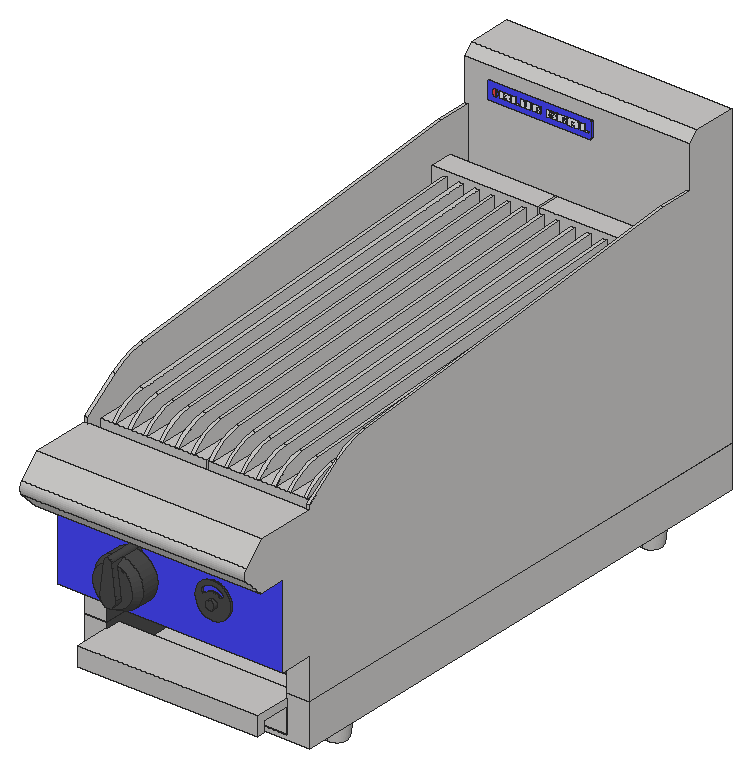
Revit family "QF_MOFFAT_BLUESEAL_CE_G592_B", category Specialty Equipment, Revit 2012
Parameters
  Weight in Pounds = 138
  URL Cutsheet = "www.moffat.com"
  URL = "www.moffat.com"
  Type Mark [instance] = ""
  Status [instance] = ""
  Specification by User [instance] = ""
  Specification by Manufacturer = ""
  Show Logo [instance] = yes
  Serial Number = ""
  Seismic Rating = ""
  SMACNA No = ""
  Revision Code [instance] = ""
  Omniclass Number and Title = ""
  NAFEM Spec ID Number = ""
  Model = "G592-B"
  Mechanical Remarks [instance] = ""
  Mechanical Connection Type [instance] = ""
  Masterspec = ""
  Manufacturer = "MOFFAT BLUESEAL"
  Item Number [instance] = ""
  Installed By [instance] = ""
  Identify Quantity as Lot [instance] = yes
  Gas Size = 1/2"
  Gas RI Height [instance] = 0 mm
  Gas KW = 9.8
  Gas Input [instance] = 33400.0 Btu/h
  Gas Connection Height = 0 mm
  Furnished By [instance] = ""
  Foodservice Equipment Identifier [instance] = yes
  Description = "300MM GAS CHARGRILL BENCH MOUNT"
  CSI MasterFormat = ""
  CSI Master Format = ""
  Body Finish = QF_Finishes_Stainless Steel
Reference planes
  plane 1 "BACK": y = 0
  plane 2: z = 0
  plane 3 "LEFT": x = 0
  plane 4 "RIGHT": x = 300
  plane 5 "FRONT": y = -812
  plane 6 "TOP": z = 630
  plane 7 "Center Y": x = 150
  plane 8 "Center X": y = -406
  plane 9: z = 485
  plane 10: x = 27.5
  plane 11: x = 272.5
  plane 12: y = -100
  plane 13: y = -625
Forms (mm)
  Extrusion 1, solid, material "QF_Finishes_Stainless Steel" <- "Body Finish"
    sketch origin (0, 0, -158) x (0, 1, 0) y (0, 0, 1)
      loop
        line (-748.2, 297.56) -> (-704.45, 297.56) -> (-704.45, 243.56) -> (0, 243.56) -> (0, 643) -> (-57.96, 643) -> (-70, 630.96) -> (-70, 434) -> (-704.45, 434) -> (-704.45, 472.56) -> (-784.2, 472.56) -> (-808.685, 448.074)
        arc (-808.685, 448.074) -> (-812.2, 439.589) -> (-808.685, 431.104) r 12
        line (-808.685, 431.104) -> (-785.201, 407.619) -> (-748.2, 407.619) -> (-748.2, 297.56)
      loop
        line (0, 187.56) -> (0, 242.766) -> (-704.45, 242.766) -> (-704.45, 187.56) -> (0, 187.56)
    from 0 to 300
  Revolve 2, solid, material "QF_Finishes_Stainless Steel" <- "Body Finish"
    sketch origin (27.5, -728, 0) x (0, 1, 0) y (0, 0, 1)
      loop
        line (85.093, 26.613) -> (88.8, 0) -> (103, 0) -> (103, 26.613) -> (85.093, 26.613)
      axis (103, 26.613) -> (103, 0)
    angle from 0 to 360
  Revolve 3, solid, material "QF_Finishes_Stainless Steel" <- "Body Finish"
    sketch origin (27.5, -210, 0) x (0, 1, 0) y (0, 0, 1)
      loop
        line (92.093, 26.613) -> (95.8, 0) -> (110, 0) -> (110, 26.613) -> (92.093, 26.613)
      axis (110, 26.613) -> (110, 0)
    angle from 0 to 360
  Extrusion 4, solid, material "QF_Finishes_Stainless Steel" <- "Body Finish"
    sketch origin (0, 0, -99) x (0, 1, 0) y (0, 0, 1)
      loop
        line (-70, 375) -> (-70, 516.56) -> (-113.86, 516.56) -> (-610.713, 468.718)
        arc (-610.713, 468.718) -> (-634.92, 463.296) -> (-657.048, 452.083) r 100
        line (-657.048, 452.083) -> (-704.45, 420.11) -> (-704.45, 375) -> (-70, 375)
    from 0 to 4.5
  Extrusion 5, solid, material "QF_Finishes_Stainless Steel" <- "Body Finish"
    sketch origin (300, 0, -98.388) x (0, -1, 0) y (0, 0, 1)
      loop
        line (70, 374.388) -> (704.45, 374.388) -> (704.45, 419.498) -> (657.048, 451.471)
        arc (657.048, 451.471) -> (634.92, 462.685) -> (610.713, 468.107) r 100
        line (610.713, 468.107) -> (113.86, 515.948) -> (70, 515.948) -> (70, 374.388)
    from 0 to 3
  Revolve 6, solid, material "QF_Finishes_Black"
    sketch origin (108, 7.8, -102.64) x (0, 1, 0) y (0, 0, 1)
      loop
        line (-789, 329.5) -> (-800, 323.651) -> (-800, 297) -> (-756, 297) -> (-756, 302) -> (-766, 302) -> (-766, 329.5) -> (-789, 329.5)
      axis (-800, 297) -> (-756, 297)
    angle from 0 to 360
  Extrusion 7, solid, material "QF_Finishes_Black"
    sketch origin (-30.113, 7.8, -102.64) x (1, 0, 0) y (0, 0, 1)
      loop
        line (148.532, 286.195) -> (143.111, 329.113)
        arc (143.111, 329.113) -> (138.113, 334) -> (133.114, 329.113) r 5
        line (133.114, 329.113) -> (127.625, 285.028)
        arc (127.625, 285.028) -> (138.697, 274.529) -> (148.532, 286.195) r 10.487
    from 759 to 808
  Extrusion 8, solid, material "QF_Finishes_Stainless Steel"
    sketch origin (276, 0, -98.388) x (0, 1, 0) y (0, 0, 1)
      loop
        line (-132, 410.364) -> (-132, 462.849) -> (-637.852, 432.53)
        arc (-637.852, 432.53) -> (-663.098, 425.97) -> (-684, 410.364) r 67.81
        line (-684, 410.364) -> (-132, 410.364)
    from 0 to 4.5
  Extrusion 9, solid, material "QF_Finishes_Stainless Steel"
    sketch origin (255, 0, -98.388) x (0, 1, 0) y (0, 0, 1)
      loop
        line (-132, 410.364) -> (-132, 462.849) -> (-637.852, 432.53)
        arc (-637.852, 432.53) -> (-663.098, 425.97) -> (-684, 410.364) r 67.81
        line (-684, 410.364) -> (-132, 410.364)
    from 0 to 4.5
  Extrusion 10, solid, material "QF_Finishes_Stainless Steel"
    sketch origin (234, 0, -98.388) x (0, 1, 0) y (0, 0, 1)
      loop
        line (-132, 410.364) -> (-132, 462.849) -> (-637.852, 432.53)
        arc (-637.852, 432.53) -> (-663.098, 425.97) -> (-684, 410.364) r 67.81
        line (-684, 410.364) -> (-132, 410.364)
    from 0 to 4.5
  Extrusion 11, solid, material "QF_Finishes_Stainless Steel"
    sketch origin (213, 0, -98.388) x (0, 1, 0) y (0, 0, 1)
      loop
        line (-132, 410.364) -> (-132, 462.849) -> (-637.852, 432.53)
        arc (-637.852, 432.53) -> (-663.098, 425.97) -> (-684, 410.364) r 67.81
        line (-684, 410.364) -> (-132, 410.364)
    from 0 to 4.5
  Extrusion 12, solid, material "QF_Finishes_Stainless Steel"
    sketch origin (192, 0, -98.388) x (0, 1, 0) y (0, 0, 1)
      loop
        line (-132, 410.364) -> (-132, 462.849) -> (-637.852, 432.53)
        arc (-637.852, 432.53) -> (-663.098, 425.97) -> (-684, 410.364) r 67.81
        line (-684, 410.364) -> (-132, 410.364)
    from 0 to 4.5
  Extrusion 13, solid, material "QF_Finishes_Stainless Steel"
    sketch origin (171, 0, -98.388) x (0, 1, 0) y (0, 0, 1)
      loop
        line (-132, 410.364) -> (-132, 462.849) -> (-637.852, 432.53)
        arc (-637.852, 432.53) -> (-663.098, 425.97) -> (-684, 410.364) r 67.81
        line (-684, 410.364) -> (-132, 410.364)
    from 0 to 4.5
  Extrusion 14, solid, material "QF_Finishes_Stainless Steel"
    sketch origin (150, 0, -98.388) x (0, 1, 0) y (0, 0, 1)
      loop
        line (-132, 410.364) -> (-132, 462.849) -> (-637.852, 432.53)
        arc (-637.852, 432.53) -> (-663.098, 425.97) -> (-684, 410.364) r 67.81
        line (-684, 410.364) -> (-132, 410.364)
    from 0 to 4.5
  Extrusion 15, solid, material "QF_Finishes_Stainless Steel"
    sketch origin (126, 0, -98.388) x (0, 1, 0) y (0, 0, 1)
      loop
        line (-132, 410.364) -> (-132, 462.849) -> (-637.852, 432.53)
        arc (-637.852, 432.53) -> (-663.098, 425.97) -> (-684, 410.364) r 67.81
        line (-684, 410.364) -> (-132, 410.364)
    from 0 to 4.5
  Extrusion 16, solid, material "QF_Finishes_Stainless Steel"
    sketch origin (105, 0, -98.388) x (0, 1, 0) y (0, 0, 1)
      loop
        line (-132, 410.364) -> (-132, 462.849) -> (-637.852, 432.53)
        arc (-637.852, 432.53) -> (-663.098, 425.97) -> (-684, 410.364) r 67.81
        line (-684, 410.364) -> (-132, 410.364)
    from 0 to 4.5
  Extrusion 17, solid, material "QF_Finishes_Stainless Steel"
    sketch origin (84, 0, -98.388) x (0, 1, 0) y (0, 0, 1)
      loop
        line (-132, 410.364) -> (-132, 462.849) -> (-637.852, 432.53)
        arc (-637.852, 432.53) -> (-663.098, 425.97) -> (-684, 410.364) r 67.81
        line (-684, 410.364) -> (-132, 410.364)
    from 0 to 4.5
  Extrusion 18, solid, material "QF_Finishes_Stainless Steel"
    sketch origin (63, 0, -98.388) x (0, 1, 0) y (0, 0, 1)
      loop
        line (-132, 410.364) -> (-132, 462.849) -> (-637.852, 432.53)
        arc (-637.852, 432.53) -> (-663.098, 425.97) -> (-684, 410.364) r 67.81
        line (-684, 410.364) -> (-132, 410.364)
    from 0 to 4.5
  Extrusion 19, solid, material "QF_Finishes_Stainless Steel"
    sketch origin (42, 0, -98.388) x (0, 1, 0) y (0, 0, 1)
      loop
        line (-132, 410.364) -> (-132, 462.849) -> (-637.852, 432.53)
        arc (-637.852, 432.53) -> (-663.098, 425.97) -> (-684, 410.364) r 67.81
        line (-684, 410.364) -> (-132, 410.364)
    from 0 to 4.5
  Extrusion 20, solid, material "QF_Finishes_Stainless Steel"
    sketch origin (21, 0, -98.388) x (0, 1, 0) y (0, 0, 1)
      loop
        line (-132, 410.364) -> (-132, 462.849) -> (-637.852, 432.53)
        arc (-637.852, 432.53) -> (-663.098, 425.97) -> (-684, 410.364) r 67.81
        line (-684, 410.364) -> (-132, 410.364)
    from 0 to 4.5
  Extrusion 21, solid, material "QF_Finishes_Stainless Steel"
    sketch origin (76, 3, -500) x (1, 0, 0) y (0, 1, 0)
      loop
        circle (140, -26) r 13.5
    from 539 to 585
  Extrusion 22, solid, material "QF_Finishes_Stainless Steel"
    sketch origin (0, 0, -98.388) x (0, 1, 0) y (0, 0, 1)
      loop
        line (-132, 410.364) -> (-684, 410.364) -> (-684, 375) -> (-102, 375) -> (-102, 470) -> (-132, 470) -> (-132, 410.364)
    from 4.5 to 147
  Extrusion 23, solid, material "QF_Finishes_Stainless Steel"
    sketch origin (145.5, 0, -98.388) x (0, 1, 0) y (0, 0, 1)
      loop
        line (-132, 410.364) -> (-684, 410.364) -> (-684, 375) -> (-102, 375) -> (-102, 470) -> (-132, 470) -> (-132, 410.364)
    from 4.5 to 151.5
  Extrusion 24, solid, material "QF_Finishes_Black"
    sketch origin (0, -748.2, 139.56) x (0, 0, 1) y (-1, 0, 0)
      loop
        circle (54.201, -208) r 23.9
      loop
        arc (61.56, -216.419) -> (60.7, -221.219) -> (65.5, -222.079) r 3.448
        arc (65.5, -222.079) -> (72.085, -207.341) -> (64.282, -193.209) r 18.095
        arc (64.282, -193.209) -> (59.56, -194.491) -> (60.875, -199.204) r 3.448
        arc (60.875, -199.204) -> (64.443, -207.683) -> (61.56, -216.419) r 13.109
    from 0 to 2
  Extrusion 25, solid, material "QF_Finishes_Black"
    sketch origin (0, -750.2, 139.56) x (0, 0, 1) y (-1, 0, 0)
      loop
        circle (50.701, -208) r 5.75
    from 0 to 5
  Extrusion 26, void
    sketch origin (0, -704.45, 85.56) x (0, 0, -1) y (-1, 0, 0)
      loop
        line (50, -30) -> (-49, -30) -> (-49, -270) -> (50, -270) -> (50, -30)
    from 0 to 100
  Extrusion 27, solid, material "QF_Finishes_Stainless Steel"
    sketch origin (30, -704.45, 30.56) x (0, 0, 1) y (0, -1, 0)
      loop
        line (23.144, 47.968) -> (23.144, 37.968) -> (38.144, 37.968) -> (38.144, 0) -> (6.348, 0) -> (6.348, -17.956) -> (48.144, -17.956) -> (48.144, 47.968) -> (23.144, 47.968)
    from 0 to 240
  Revolve 28, solid, material "QF_Finishes_Stainless Steel" <- "Body Finish"
    sketch origin (272.5, -728, 0) x (0, 1, 0) y (0, 0, 1)
      loop
        line (85.093, 26.613) -> (88.8, 0) -> (103, 0) -> (103, 26.613) -> (85.093, 26.613)
      axis (103, 26.613) -> (103, 0)
    angle from 0 to 360
  Revolve 29, solid, material "QF_Finishes_Stainless Steel" <- "Body Finish"
    sketch origin (272.5, -210, 0) x (0, 1, 0) y (0, 0, 1)
      loop
        line (92.093, 26.613) -> (95.8, 0) -> (110, 0) -> (110, 26.613) -> (92.093, 26.613)
      axis (110, 26.613) -> (110, 0)
    angle from 0 to 360
Cuts and joins
  joined: Revolve 6, Extrusion 7
  Extrusion 26 cuts Extrusion 1
  Extrusion 26 cuts Extrusion 4
  Extrusion 26 cuts Extrusion 5
  joined: Extrusion 1, Extrusion 4, Extrusion 5
Lines and regions (mm)
  Split face 1
    outline origin (300, 0, 485) x (-1, 0, 0) y (0, -1, 0)
      loop
        arc (24, 45.385) -> (15.34, 40.385) -> (15.34, 30.385) r 10
        line (15.34, 30.385) -> (19.381, 23.385)
        arc (19.381, 23.385) -> (23.041, 19.725) -> (28.041, 18.385) r 10
        line (28.041, 18.385) -> (256, 18.385)
        arc (256, 18.385) -> (264.66, 23.385) -> (264.66, 33.385) r 10
        line (264.66, 33.385) -> (260.619, 40.385)
        arc (260.619, 40.385) -> (256.959, 44.045) -> (251.959, 45.385) r 10
        line (251.959, 45.385) -> (24, 45.385)
  symbolic lines
    curve 1: line (0, 0, 0) -> (0, -812, 0)
    curve 2: line (300, 0, 0) -> (0, 0, 0)
    curve 3: line (300, -812, 0) -> (300, 0, 0)
    curve 4: line (0, -70, 0) -> (300, -70, 0)
    curve 5: line (0, -812, 0) -> (300, -812, 0)
    curve 6: line (300, -712, 0) -> (0, -712, 0)
    curve 7: line (4.5, -712, 0) -> (4.5, -70, 0)
    curve 8: line (297, -70, 0) -> (297, -712, 0)
    curve 9: line (0, -784.2, 0) -> (300, -784.2, 0)
    curve 10: line (297, -704.45, 0) -> (4.5, -704.45, 0)
    curve 11: line (0, -57.96, 0) -> (300, -57.96, 0)
    curve 12: line (276, -45.385, 0) -> (48.041, -45.385, 0)
    curve 13: arc (48.041, -45.385, 0) -> (43.041, -44.045, 0) -> (39.381, -40.385, 0) r 10
    curve 14: line (39.381, -40.385, 0) -> (35.34, -33.385, 0)
    curve 15: arc (35.34, -33.385, 0) -> (35.34, -23.385, 0) -> (44, -18.385, 0) r 10
    curve 16: line (44, -18.385, 0) -> (271.959, -18.385, 0)
    curve 17: arc (271.959, -18.385, 0) -> (276.959, -19.725, 0) -> (280.619, -23.385, 0) r 10
    curve 18: line (280.619, -23.385, 0) -> (284.66, -30.385, 0)
    curve 19: arc (284.66, -30.385, 0) -> (284.66, -40.385, 0) -> (276, -45.385, 0) r 10
    curve 20: line (150, -102, 0) -> (150, -684, 0)
    curve 21: line (297, -102, 0) -> (150, -102, 0)
    curve 22: line (21, -132, 0) -> (21, -684, 0)
    curve 23: line (42, -132, 0) -> (42, -684, 0)
    curve 24: line (63, -132, 0) -> (63, -684, 0)
    curve 25: line (84, -132, 0) -> (84, -684, 0)
    curve 26: line (105, -132, 0) -> (105, -684, 0)
    curve 27: line (126, -132, 0) -> (126, -684, 0)
    curve 28: line (154.5, -684, 0) -> (154.5, -132, 0)
    curve 29: line (171, -132, 0) -> (171, -684, 0)
    curve 30: line (192, -132, 0) -> (192, -684, 0)
    curve 31: line (213, -132, 0) -> (213, -684, 0)
    curve 32: line (234, -132, 0) -> (234, -684, 0)
    curve 33: line (255, -132, 0) -> (255, -684, 0)
    curve 34: line (276, -132, 0) -> (276, -684, 0)
    curve 35: line (150, -132, 0) -> (297, -132, 0)
    curve 36: line (150, -684, 0) -> (297, -684, 0)
    curve 37: line (4.5, -684, 0) -> (147, -684, 0)
    curve 38: line (4.5, -132, 0) -> (147, -132, 0)
    curve 39: line (147, -102, 0) -> (4.5, -102, 0)
    curve 40: line (147, -684, 0) -> (147, -102, 0)
Dimensions and locks
  equal spacing: plane 3 "LEFT", plane 7 "Center Y", plane 4 "RIGHT"
  plane 3 "LEFT" to plane 4 "RIGHT" = 300 mm
  equal spacing: plane 5 "FRONT", plane 8 "Center X", plane 1 "BACK"
  plane 5 "FRONT" to plane 1 "BACK" = 812 mm  (x2)
  equal spacing: plane 4 "RIGHT", plane 7 "Center Y", plane 3 "LEFT"
  plane 4 "RIGHT" to plane 3 "LEFT" = 300 mm
  Extrusion 21 to level = 39 mm
  Extrusion 21 to plane 1 "BACK" = 23 mm
  cut or joined group of Extrusion 1, Extrusion 4, Extrusion 5, Extrusion 26 to plane 1 "BACK" = 70 mm
  plane 9 to plane 2 = 485 mm
  plane 10 to plane 11 = 245 mm
  Extrusion 21 sketch curve to plane 1 "BACK" = 23 mm
  plane 3 "LEFT" to Extrusion 21 sketch curve = 216 mm
  plane 1 "BACK" to cut or joined group of Extrusion 1, Extrusion 4, Extrusion 5, Extrusion 26 = 70 mm
  plane 2 to Extrusion 21 = 39 mm
  plane 12 to plane 13 = 525 mm
  plane 1 "BACK" to plane 12 = 100 mm
  plane 2 to cut or joined group of Extrusion 1, Extrusion 4, Extrusion 5, Extrusion 26 = 29.56 mm
  cut or joined group of Extrusion 1, Extrusion 4, Extrusion 5, Extrusion 26 to plane 2 = 314.56 mm
  aligned and locked: level to plane 2
  aligned and locked: curve 3 to plane 4 "RIGHT"
Automatic sketch dimensions
  plane 1 "BACK" to curve 1 = 0 mm
  curve 1 to plane 3 "LEFT" = 0 mm
  plane 5 "FRONT" to curve 3 = 0 mm
  plane 3 "LEFT" to curve 7 = 4.5 mm
  plane 4 "RIGHT" to curve 8 = 3 mm
  curve 9 to plane 5 "FRONT" = 27.8 mm
  curve 8 to curve 10 = 7.55 mm
  plane 1 "BACK" to curve 7 = 70 mm
  Extrusion 1 sketch curve to plane 9 = 0 mm
  Extrusion 1 sketch curve to plane 1 "BACK" = 0 mm  (x2)
  plane 1 "BACK" to Extrusion 1 sketch curve = 57.96 mm
  Extrusion 1 sketch curve to plane 9 = 12.04 mm
  Extrusion 1 sketch curve to Extrusion 1 sketch curve = 12.04 mm
  Extrusion 1 sketch curve to plane 5 "FRONT" = 107.55 mm  (x2)
  Extrusion 1 sketch curve to Extrusion 1 sketch curve = 0 mm
  Extrusion 1 sketch curve to Extrusion 1 sketch curve = 43.75 mm
  Extrusion 1 sketch curve to plane 5 "FRONT" = 27.8 mm
  Extrusion 1 sketch curve to plane 5 "FRONT" = 26.799 mm
  Extrusion 1 sketch curve to plane 5 "FRONT" = 11.8 mm
  Extrusion 1 sketch curve to plane 5 "FRONT" = 3.315 mm  (x2)
  Extrusion 1 sketch curve to plane 9 = 170.44 mm
  Extrusion 1 sketch curve to Extrusion 1 sketch curve = 24.486 mm
  Extrusion 1 sketch curve to Extrusion 1 sketch curve = 8.485 mm
  Extrusion 1 sketch curve to Extrusion 1 sketch curve = 38.56 mm
  Extrusion 1 sketch curve to Extrusion 1 sketch curve = 26.381 mm
  Extrusion 1 sketch curve to Extrusion 1 sketch curve = 110.059 mm
  Extrusion 1 sketch curve to Extrusion 1 sketch curve = 54 mm
  Extrusion 1 sketch curve to Extrusion 1 sketch curve = 0.794 mm
  level to Extrusion 1 sketch curve = 29.56 mm
  Revolve 2 sketch curve to level = 0 mm  (x2)
  level to Revolve 2 sketch curve = 26.613 mm
  Revolve 2 sketch curve to plane 5 "FRONT" = 169.093 mm
  Revolve 2 sketch curve to Revolve 2 sketch curve = 3.707 mm
  Revolve 2 sketch curve to Revolve 2 sketch curve = 17.907 mm
  Revolve 2 sketch curve to Revolve 2 sketch curve = 0 mm  (x2)
  Revolve 3 sketch curve to level = 0 mm
  level to Revolve 3 sketch curve = 26.613 mm
  plane 1 "BACK" to Revolve 3 sketch curve = 117.907 mm
  Revolve 3 sketch curve to Revolve 3 sketch curve = 3.707 mm
  Revolve 3 sketch curve to Revolve 3 sketch curve = 17.907 mm
  Revolve 3 sketch curve to Revolve 3 sketch curve = 14.2 mm
  Revolve 3 sketch curve to Revolve 3 sketch curve = 55 mm
  Revolve 3 sketch curve to Revolve 3 sketch curve = 23.387 mm
  Extrusion 4 sketch curve to plane 5 "FRONT" = 107.55 mm
  Extrusion 4 sketch curve to Extrusion 4 sketch curve = 47.402 mm
  Extrusion 4 sketch curve to Extrusion 4 sketch curve = 46.335 mm
  Extrusion 4 sketch curve to Extrusion 4 sketch curve = 55.919 mm
  plane 1 "BACK" to Extrusion 4 sketch curve = 113.86 mm
  plane 1 "BACK" to Extrusion 4 sketch curve = 70 mm
  Extrusion 4 sketch curve to plane 9 = 214.821 mm
  Extrusion 4 sketch curve to Extrusion 4 sketch curve = 5.821 mm
  Extrusion 4 sketch curve to Extrusion 4 sketch curve = 45.11 mm
  Extrusion 4 sketch curve to Extrusion 4 sketch curve = 31.973 mm
  Extrusion 4 sketch curve to plane 9 = 67.44 mm
  plane 1 "BACK" to Extrusion 5 sketch curve = 70 mm
  Extrusion 5 sketch curve to Extrusion 5 sketch curve = 43.86 mm
  Extrusion 5 sketch curve to plane 8 "Center X" = 195.129 mm
  Extrusion 5 sketch curve to Extrusion 5 sketch curve = 9.585 mm
  Extrusion 5 sketch curve to Extrusion 5 sketch curve = 46.335 mm
  Extrusion 5 sketch curve to Extrusion 5 sketch curve = 47.402 mm
  Extrusion 5 sketch curve to plane 9 = 214.821 mm
  Extrusion 5 sketch curve to Extrusion 5 sketch curve = 5.821 mm
  Extrusion 5 sketch curve to Extrusion 5 sketch curve = 45.11 mm
  Extrusion 5 sketch curve to Extrusion 5 sketch curve = 31.973 mm
  Extrusion 5 sketch curve to plane 9 = 67.44 mm
  Revolve 6 sketch curve to plane 5 "FRONT" = 19.8 mm
  Revolve 6 sketch curve to Revolve 6 sketch curve = 0 mm  (x2)
  Revolve 6 sketch curve to Revolve 6 sketch curve = 11 mm
  Revolve 6 sketch curve to Revolve 6 sketch curve = 12.7 mm
  Revolve 6 sketch curve to Revolve 6 sketch curve = 23 mm
  Revolve 6 sketch curve to Revolve 6 sketch curve = 10 mm
  level to Revolve 6 sketch curve = 194.36 mm
  Revolve 6 sketch curve to Revolve 6 sketch curve = 5 mm
  Revolve 6 sketch curve to Revolve 6 sketch curve = 26.651 mm
  Revolve 6 sketch curve to Revolve 6 sketch curve = 5.849 mm
  Extrusion 7 sketch curve to plane 7 "Center Y" = 52.487 mm
  Extrusion 7 sketch curve to Extrusion 7 sketch curve = 5.489 mm
  Extrusion 7 sketch curve to Extrusion 7 sketch curve = 4.999 mm  (x2)
  Extrusion 7 sketch curve to Extrusion 7 sketch curve = 10.487 mm
  Extrusion 7 sketch curve to Extrusion 7 sketch curve = 10.419 mm
  level to Extrusion 7 sketch curve = 182.36 mm
  Extrusion 7 sketch curve to Extrusion 7 sketch curve = 0.028 mm
  Extrusion 7 sketch curve to Extrusion 7 sketch curve = 44 mm
  Extrusion 7 sketch curve to Extrusion 7 sketch curve = 0.113 mm
  Extrusion 8 sketch curve to plane 5 "FRONT" = 128 mm
  Extrusion 8 sketch curve to Extrusion 8 sketch curve = 46.148 mm
  Extrusion 8 sketch curve to Extrusion 8 sketch curve = 4.114 mm
  plane 1 "BACK" to Extrusion 8 sketch curve = 132 mm
  Extrusion 8 sketch curve to plane 9 = 218.543 mm
  Extrusion 8 sketch curve to plane 9 = 173.025 mm
  Extrusion 8 sketch curve to Extrusion 8 sketch curve = 52.486 mm
  Extrusion 9 sketch curve to plane 5 "FRONT" = 128 mm
  Extrusion 9 sketch curve to Extrusion 9 sketch curve = 46.148 mm
  Extrusion 9 sketch curve to Extrusion 9 sketch curve = 4.114 mm
  plane 1 "BACK" to Extrusion 9 sketch curve = 132 mm
  Extrusion 9 sketch curve to plane 9 = 218.543 mm
  Extrusion 9 sketch curve to plane 9 = 173.025 mm
  Extrusion 9 sketch curve to Extrusion 9 sketch curve = 52.486 mm
  Extrusion 10 sketch curve to plane 5 "FRONT" = 128 mm
  Extrusion 10 sketch curve to Extrusion 10 sketch curve = 46.148 mm
  Extrusion 10 sketch curve to Extrusion 10 sketch curve = 4.114 mm
  plane 1 "BACK" to Extrusion 10 sketch curve = 132 mm
  Extrusion 10 sketch curve to plane 9 = 218.543 mm
  Extrusion 10 sketch curve to plane 9 = 173.025 mm
  Extrusion 10 sketch curve to Extrusion 10 sketch curve = 52.486 mm
  Extrusion 11 sketch curve to plane 5 "FRONT" = 128 mm
  Extrusion 11 sketch curve to Extrusion 11 sketch curve = 46.148 mm
  Extrusion 11 sketch curve to Extrusion 11 sketch curve = 4.114 mm
  plane 1 "BACK" to Extrusion 11 sketch curve = 132 mm
  Extrusion 11 sketch curve to plane 9 = 218.543 mm
  Extrusion 11 sketch curve to plane 9 = 173.025 mm
  Extrusion 11 sketch curve to Extrusion 11 sketch curve = 52.486 mm
  Extrusion 12 sketch curve to plane 5 "FRONT" = 128 mm
  Extrusion 12 sketch curve to Extrusion 12 sketch curve = 46.148 mm
  Extrusion 12 sketch curve to Extrusion 12 sketch curve = 4.114 mm
  plane 1 "BACK" to Extrusion 12 sketch curve = 132 mm
  Extrusion 12 sketch curve to plane 9 = 218.543 mm
  Extrusion 12 sketch curve to plane 9 = 173.025 mm
  Extrusion 12 sketch curve to Extrusion 12 sketch curve = 52.486 mm
  Extrusion 13 sketch curve to plane 5 "FRONT" = 128 mm
  Extrusion 13 sketch curve to Extrusion 13 sketch curve = 46.148 mm
  Extrusion 13 sketch curve to Extrusion 13 sketch curve = 50.262 mm
  plane 1 "BACK" to Extrusion 13 sketch curve = 132 mm
  Extrusion 13 sketch curve to plane 9 = 218.543 mm
  Extrusion 13 sketch curve to plane 9 = 173.025 mm
  Extrusion 13 sketch curve to Extrusion 13 sketch curve = 52.486 mm
  Extrusion 14 sketch curve to plane 5 "FRONT" = 128 mm
  Extrusion 14 sketch curve to Extrusion 14 sketch curve = 46.148 mm
  Extrusion 14 sketch curve to Extrusion 14 sketch curve = 50.262 mm
  plane 1 "BACK" to Extrusion 14 sketch curve = 132 mm
  Extrusion 14 sketch curve to plane 9 = 218.543 mm
  Extrusion 14 sketch curve to plane 9 = 173.025 mm
  Extrusion 14 sketch curve to Extrusion 14 sketch curve = 52.486 mm
  Extrusion 15 sketch curve to plane 5 "FRONT" = 128 mm
  Extrusion 15 sketch curve to Extrusion 15 sketch curve = 46.148 mm
  Extrusion 15 sketch curve to Extrusion 15 sketch curve = 4.114 mm
  plane 1 "BACK" to Extrusion 15 sketch curve = 132 mm
  Extrusion 15 sketch curve to plane 9 = 218.543 mm
  Extrusion 15 sketch curve to plane 9 = 173.025 mm
  Extrusion 15 sketch curve to Extrusion 15 sketch curve = 52.486 mm
  Extrusion 16 sketch curve to plane 5 "FRONT" = 128 mm
  Extrusion 16 sketch curve to Extrusion 16 sketch curve = 46.148 mm
  Extrusion 16 sketch curve to Extrusion 16 sketch curve = 4.114 mm
  plane 1 "BACK" to Extrusion 16 sketch curve = 132 mm
  Extrusion 16 sketch curve to plane 9 = 218.543 mm
  Extrusion 16 sketch curve to plane 9 = 173.025 mm
  Extrusion 16 sketch curve to Extrusion 16 sketch curve = 52.486 mm
  Extrusion 17 sketch curve to plane 5 "FRONT" = 128 mm
  Extrusion 17 sketch curve to Extrusion 17 sketch curve = 46.148 mm
  Extrusion 17 sketch curve to Extrusion 17 sketch curve = 4.114 mm
  plane 1 "BACK" to Extrusion 17 sketch curve = 132 mm
  Extrusion 17 sketch curve to plane 9 = 218.543 mm
  Extrusion 17 sketch curve to plane 9 = 173.025 mm
  Extrusion 17 sketch curve to Extrusion 17 sketch curve = 52.486 mm
  Extrusion 18 sketch curve to plane 5 "FRONT" = 128 mm
  Extrusion 18 sketch curve to Extrusion 18 sketch curve = 46.148 mm
  Extrusion 18 sketch curve to Extrusion 18 sketch curve = 4.114 mm
  plane 1 "BACK" to Extrusion 18 sketch curve = 132 mm
  Extrusion 18 sketch curve to plane 9 = 218.543 mm
  Extrusion 18 sketch curve to plane 9 = 173.025 mm
  Extrusion 18 sketch curve to Extrusion 18 sketch curve = 52.486 mm
  Extrusion 19 sketch curve to plane 5 "FRONT" = 128 mm
  Extrusion 19 sketch curve to Extrusion 19 sketch curve = 46.148 mm
  Extrusion 19 sketch curve to Extrusion 19 sketch curve = 4.114 mm
  plane 1 "BACK" to Extrusion 19 sketch curve = 132 mm
  Extrusion 19 sketch curve to plane 9 = 218.543 mm
  Extrusion 19 sketch curve to plane 9 = 173.025 mm
  Extrusion 19 sketch curve to Extrusion 19 sketch curve = 52.486 mm
  Extrusion 20 sketch curve to plane 5 "FRONT" = 128 mm
  Extrusion 20 sketch curve to Extrusion 20 sketch curve = 46.148 mm
  Extrusion 20 sketch curve to Extrusion 20 sketch curve = 4.114 mm
  plane 1 "BACK" to Extrusion 20 sketch curve = 132 mm
  Extrusion 20 sketch curve to plane 9 = 218.543 mm
  Extrusion 20 sketch curve to plane 9 = 173.025 mm
  Extrusion 20 sketch curve to Extrusion 20 sketch curve = 52.486 mm
  Extrusion 22 sketch curve to plane 5 "FRONT" = 128 mm
  plane 1 "BACK" to Extrusion 22 sketch curve = 132 mm
  Extrusion 22 sketch curve to Extrusion 22 sketch curve = 30 mm
  Extrusion 22 sketch curve to plane 9 = 208.388 mm
  Extrusion 22 sketch curve to Extrusion 22 sketch curve = 35.364 mm
  Extrusion 22 sketch curve to Extrusion 22 sketch curve = 59.636 mm
  Extrusion 23 sketch curve to plane 5 "FRONT" = 128 mm
  plane 1 "BACK" to Extrusion 23 sketch curve = 132 mm
  Extrusion 23 sketch curve to Extrusion 23 sketch curve = 30 mm
  Extrusion 23 sketch curve to plane 9 = 208.388 mm
  Extrusion 23 sketch curve to Extrusion 23 sketch curve = 35.364 mm
  Extrusion 23 sketch curve to Extrusion 23 sketch curve = 59.636 mm
  Extrusion 1 to Extrusion 24 sketch curve = 51.343 mm
  Extrusion 24 sketch curve to Extrusion 24 sketch curve = 2.662 mm
  Extrusion 24 sketch curve to Extrusion 24 sketch curve = 0.195 mm
  Extrusion 24 sketch curve to Extrusion 24 sketch curve = 6.674 mm
  Extrusion 24 sketch curve to Extrusion 24 sketch curve = 7.359 mm
  Extrusion 24 sketch curve to Extrusion 24 sketch curve = 1.683 mm
  Extrusion 24 sketch curve to Extrusion 24 sketch curve = 1.97 mm  (x2)
  Extrusion 24 sketch curve to Extrusion 24 sketch curve = 1.724 mm
  Extrusion 1 to Extrusion 24 sketch curve = 77.921 mm
  Extrusion 24 sketch curve to Extrusion 24 sketch curve = 2.83 mm
  Extrusion 24 sketch curve to Extrusion 24 sketch curve = 8.215 mm
  Extrusion 24 sketch curve to Extrusion 24 sketch curve = 0.102 mm
  Extrusion 24 sketch curve to Extrusion 24 sketch curve = 0.103 mm
  Extrusion 26 sketch curve to Extrusion 1 = 5 mm
  Extrusion 26 sketch curve to Extrusion 1 = 50 mm
  Extrusion 26 sketch curve to Extrusion 1 = 30 mm  (x2)
  Extrusion 27 sketch curve to Extrusion 26 = 0 mm
  Extrusion 26 to Extrusion 27 sketch curve = 1.348 mm
  Extrusion 26 to Extrusion 27 sketch curve = 18.144 mm
  Extrusion 27 sketch curve to Extrusion 27 sketch curve = 15 mm
  Extrusion 27 sketch curve to Extrusion 27 sketch curve = 10 mm  (x2)
  Extrusion 26 to Extrusion 27 sketch curve = 17.956 mm
  Extrusion 27 sketch curve to Extrusion 26 = 37.968 mm
  Split face 1 sketch curve to cut or joined group of Extrusion 1, Extrusion 4, Extrusion 5, Extrusion 26 = 15.34 mm
  Split face 1 sketch curve to Split face 1 sketch curve = 4.041 mm  (x4)
  Split face 1 sketch curve to Split face 1 sketch curve = 8.66 mm  (x2)
  Split face 1 sketch curve to cut or joined group of Extrusion 1, Extrusion 4, Extrusion 5, Extrusion 26 = 12.575 mm
  Split face 1 sketch curve to cut or joined group of Extrusion 1, Extrusion 4, Extrusion 5, Extrusion 26 = 48.041 mm
  Split face 1 sketch curve to cut or joined group of Extrusion 1, Extrusion 4, Extrusion 5, Extrusion 26 = 17.575 mm
  Split face 1 sketch curve to Split face 1 sketch curve = 7 mm  (x3)
  Split face 1 sketch curve to Split face 1 sketch curve = 15 mm
  Revolve 28 sketch curve to level = 0 mm  (x2)
  level to Revolve 28 sketch curve = 26.613 mm
  Revolve 28 sketch curve to plane 5 "FRONT" = 169.093 mm
  Revolve 28 sketch curve to Revolve 28 sketch curve = 3.707 mm
  Revolve 28 sketch curve to Revolve 28 sketch curve = 17.907 mm
  Revolve 28 sketch curve to Revolve 28 sketch curve = 0 mm  (x2)
  Revolve 29 sketch curve to level = 0 mm
  level to Revolve 29 sketch curve = 26.613 mm
  plane 1 "BACK" to Revolve 29 sketch curve = 117.907 mm
  Revolve 29 sketch curve to Revolve 29 sketch curve = 3.707 mm
  Revolve 29 sketch curve to Revolve 29 sketch curve = 17.907 mm
  Revolve 29 sketch curve to Revolve 29 sketch curve = 14.2 mm
  Revolve 29 sketch curve to Revolve 29 sketch curve = 55 mm
  Revolve 29 sketch curve to Revolve 29 sketch curve = 23.387 mm
  curve 4 to curve 11 = 12.04 mm
  plane 10 to curve 14 = 7.84 mm
  curve 15 to curve 14 = 4.041 mm
  curve 15 to curve 15 = 8.66 mm
  curve 15 to curve 13 = 4.041 mm
  plane 11 to curve 17 = 0.541 mm
  curve 19 to plane 11 = 3.5 mm
  curve 17 to plane 11 = 8.119 mm
  curve 18 to curve 18 = 4.041 mm
  plane 1 "BACK" to curve 13 = 45.385 mm
  curve 12 to curve 14 = 5 mm
  curve 12 to curve 19 = 10 mm
  curve 13 to curve 15 = 7 mm  (x2)
  curve 19 to curve 17 = 7 mm
  curve 20 to plane 7 "Center Y" = 0 mm
  plane 13 to curve 20 = 59 mm
  plane 12 to curve 21 = 2 mm
  curve 22 to plane 10 = 6.5 mm
  plane 10 to curve 23 = 14.5 mm
  curve 23 to curve 24 = 21 mm
  curve 24 to curve 25 = 21 mm
  curve 25 to curve 26 = 21 mm
  curve 26 to curve 27 = 21 mm
  curve 20 to curve 28 = 4.5 mm
  curve 28 to curve 29 = 16.5 mm
  curve 29 to curve 30 = 21 mm
  curve 30 to curve 31 = 21 mm
  curve 31 to curve 32 = 21 mm
  plane 11 to curve 33 = 17.5 mm
  curve 34 to plane 11 = 3.5 mm
  curve 26 to curve 20 = 0 mm
  curve 10 to curve 34 = 20.45 mm
  plane 12 to curve 22 = 32 mm
  curve 27 to curve 35 = 0 mm
  curve 37 to plane 7 "Center Y" = 3 mm
  plane 12 to curve 39 = 2 mm
  radius of Extrusion 21 sketch curve = 13.5 mm
  radius of Extrusion 24 sketch curve = 23.9 mm
  radius of Extrusion 25 sketch curve = 5.75 mm
Nested families
  nested 1: "WALDORF LOGO_FACE BASE" at (31.993, -70, 456.445) x (1, 0, 0) z (0, -1, 0), visible <- "Show Logo", type "WALDORF LOGO_FACE BASE", detail levels medium+fine
    with Show Logo yes
Connectors
  piping at (216, -23, 39)
    settings: on Extrusion 21, index 1, connector radius 0.37402", flow factor 0, pipe flow 0 GPM, pressure drop 0.00 psi, fitting loss kfactor 0, connector angle 0.00°, fixture units 0, engagement length 0 mm, flow configuration 1, flow direction 1, fitting loss method 0, system type 7, joint type 0, gender type 0, connector reference index -1, connector utility 0, adjustable connector no, is connector primary yes, fitting loss table "", connector description "GAS CONNECTION"
Definition of nested family "WALDORF LOGO_FACE BASE"
  Parameters (values of type "WALDORF LOGO_FACE BASE")
    Show Logo [instance] = yes
    Default Elevation = 1219.2 mm
  Reference planes
    plane 1 "Center (Front/Back)": y = 0
    plane 2: z = 0
    plane 3 "Center (Left/Right)": x = 0
  Forms (mm)
    Extrusion 1, solid
      sketch origin (0, 0, 0) x (1, 0, 0) y (0, 1, 0)
        loop
          line (-1219.2, 1219.2) -> (-1219.2, -1219.2) -> (1219.2, -1219.2) -> (1219.2, 1219.2) -> (-1219.2, 1219.2)
      from 0 to -304.8
    Extrusion 2, solid, material "QF_Finishes_Blue", visible <- "Show Logo"
      sketch origin (0, -33.217, 0) x (1, 0, 0) y (0, 1, 0)
        loop
          arc (138, 31.942) -> (137.626, 32.844) -> (136.724, 33.217) r 1.276
          line (136.724, 33.217) -> (1.29, 33.217)
          arc (1.29, 33.217) -> (0.378, 32.839) -> (0, 31.927) r 1.29
          line (0, 31.927) -> (0, 11.507)
          arc (0, 11.507) -> (0.378, 10.595) -> (1.29, 10.217) r 1.29
          line (1.29, 10.217) -> (136.71, 10.217)
          arc (136.71, 10.217) -> (137.622, 10.595) -> (138, 11.507) r 1.29
          line (138, 11.507) -> (138, 31.942)
      from 0 to 1.588
    Extrusion 3, solid, material "QF_Finishes_White", visible <- "Show Logo"
      sketch origin (0, -33.217, 1.588) x (1, 0, 0) y (0, 1, 0)
        loop
          arc (108.946, 25.919) -> (107.613, 25.367) -> (107.061, 24.034) r 1.885
          line (107.061, 24.034) -> (107.061, 17.211) -> (112.704, 17.211) -> (112.704, 19.129) -> (115.546, 19.129) -> (115.546, 17.211) -> (121.584, 17.211) -> (121.584, 24.075)
          arc (121.584, 24.075) -> (121.043, 25.379) -> (119.739, 25.919) r 1.845
          line (119.739, 25.919) -> (108.946, 25.919)
        loop
          line (123.478, 25.919) -> (123.478, 17.163) -> (134.904, 17.163) -> (134.904, 19.129) -> (129.246, 19.129) -> (129.246, 25.919) -> (123.478, 25.919)
        loop
          line (112.704, 21.258) -> (115.546, 21.258) -> (115.546, 22.702)
          arc (115.546, 22.702) -> (115.344, 23.188) -> (114.858, 23.389) r 0.687
          line (114.858, 23.389) -> (113.363, 23.389)
          arc (113.363, 23.389) -> (112.897, 23.196) -> (112.704, 22.73) r 0.658
          line (112.704, 22.73) -> (112.704, 21.258)
        loop
          line (105.071, 25.919) -> (93.771, 25.919) -> (93.771, 17.163) -> (105.071, 17.163) -> (105.071, 19.063) -> (99.535, 19.063) -> (99.535, 20.437) -> (105.071, 20.437) -> (105.071, 22.278) -> (99.535, 22.278) -> (99.535, 23.587) -> (105.071, 23.587) -> (105.071, 25.919)
        loop
          line (91.104, 25.919) -> (79.541, 25.919)
          arc (79.541, 25.919) -> (78.558, 25.513) -> (78.152, 24.53) r 1.389
          line (78.152, 24.53) -> (78.152, 22.08)
          arc (78.152, 22.08) -> (78.558, 21.098) -> (79.541, 20.691) r 1.389
          line (79.541, 20.691) -> (86.346, 20.691) -> (86.346, 18.864) -> (83.266, 18.864) -> (83.266, 19.664) -> (78.152, 19.664) -> (78.152, 18.553)
          arc (78.152, 18.553) -> (78.558, 17.57) -> (79.541, 17.163) r 1.389
          line (79.541, 17.163) -> (91.063, 17.163)
          arc (91.063, 17.163) -> (92.045, 17.57) -> (92.452, 18.553) r 1.389
          line (92.452, 18.553) -> (92.452, 20.691)
          arc (92.452, 20.691) -> (92.045, 21.673) -> (91.063, 22.08) r 1.389
          line (91.063, 22.08) -> (83.266, 22.08) -> (83.266, 23.984) -> (86.346, 23.984) -> (86.346, 22.743) -> (92.452, 22.743) -> (92.452, 24.571)
          arc (92.452, 24.571) -> (92.057, 25.524) -> (91.104, 25.919) r 1.348
        loop
          line (70.705, 25.919) -> (59.405, 25.919) -> (59.405, 17.163) -> (70.705, 17.163) -> (70.705, 19.063) -> (65.169, 19.063) -> (65.169, 20.437) -> (70.705, 20.437) -> (70.705, 22.278) -> (65.169, 22.278) -> (65.169, 23.587) -> (70.705, 23.587) -> (70.705, 25.919)
        loop
          line (57.598, 25.919) -> (51.7, 25.919) -> (51.7, 20.18)
          arc (51.7, 20.18) -> (50.63, 19.11) -> (49.56, 20.18) r 1.07
          line (49.56, 20.18) -> (49.56, 25.919) -> (43.663, 25.919) -> (43.663, 19.049)
          arc (43.663, 19.049) -> (44.215, 17.716) -> (45.548, 17.163) r 1.885
          line (45.548, 17.163) -> (55.71, 17.163)
          arc (55.71, 17.163) -> (57.045, 17.716) -> (57.598, 19.051) r 1.887
          line (57.598, 19.051) -> (57.598, 25.919)
        loop
          line (31.62, 25.919) -> (31.62, 17.163) -> (43.046, 17.163) -> (43.046, 19.129) -> (37.388, 19.129) -> (37.388, 25.919) -> (31.62, 25.919)
        loop
          line (15.969, 25.919) -> (15.969, 17.163) -> (28.693, 17.163)
          arc (28.693, 17.163) -> (29.812, 17.627) -> (30.276, 18.746) r 1.582
          line (30.276, 18.746) -> (30.276, 20.447) -> (29.48, 21.243) -> (30.276, 22.039) -> (30.276, 24.332)
          arc (30.276, 24.332) -> (29.811, 25.454) -> (28.688, 25.919) r 1.587
          line (28.688, 25.919) -> (15.969, 25.919)
        loop
          line (21.449, 24.159) -> (21.449, 22.436) -> (23.862, 22.436)
          arc (23.862, 22.436) -> (24.723, 23.298) -> (23.862, 24.159) r 0.861
          line (23.862, 24.159) -> (21.449, 24.159)
        loop
          line (21.449, 20.244) -> (21.449, 18.522) -> (23.862, 18.522)
          arc (23.862, 18.522) -> (24.723, 19.383) -> (23.862, 20.244) r 0.861
          line (23.862, 20.244) -> (21.449, 20.244)
      from 0 to 0.2
    Extrusion 4, solid, material "QF_Finishes_Blue", visible <- "Show Logo"
      sketch origin (-126.498, -31.09, 1.588) x (1, 0, 0) y (0, 1, 0)
        loop
          line (136.738, 23.522) -> (136.738, 15.1)
          arc (136.738, 15.1) -> (140.756, 19.311) -> (136.738, 23.522) r 4.216
      from 0 to 0.2
    Extrusion 5, solid, material "QF_Finishes_Red", visible <- "Show Logo"
      sketch origin (146.849, -31.09, 1.588) x (-1, 0, 0) y (0, -1, 0)
        loop
          arc (136.738, -23.522) -> (140.756, -19.311) -> (136.738, -15.1) r 4.216
          line (136.738, -15.1) -> (136.738, -23.522)
      from 0 to 0.2
  Lines and regions (mm)
    Split face 1
      outline origin (-90.35, -30.793, 1.588) x (1, 0, 0) y (0, 1, 0)
        loop
          circle (100.54, 19.013) r 4.536
  Dimensions and locks
    aligned and locked: plane 2 to Extrusion 1
    aligned and locked: level to Extrusion 1
